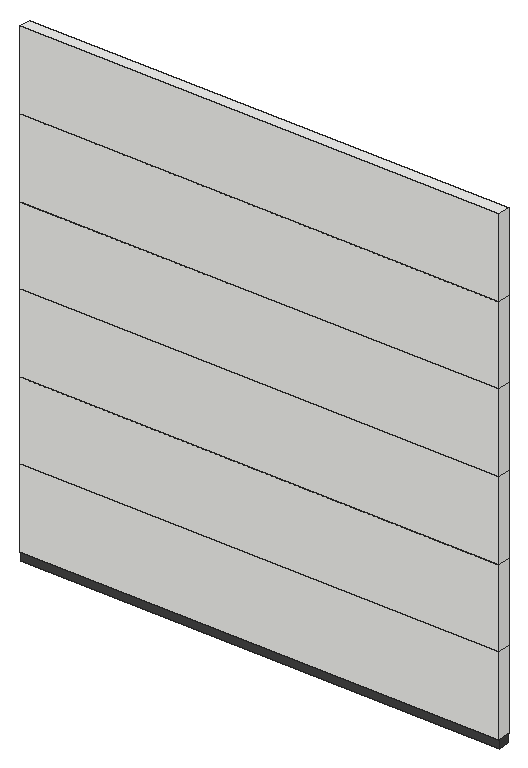
Revit family "Door_Overhead-Sectional-Panel_Haas_No-Inset-Panels", category Doors, Revit 2026
Family settings
  Classification Number = 23.30.10.17.37.14
  Work Plane-Based = Yes
  Always vertical = Yes
  Cut with Voids When Loaded = No
  Shared = No
  Room Calculation Point = No
Parameters (values of type "All Flush")
  Width = 10' - 0"
  Viewport Finish [instance] = Finish - Trim - HAAS - Black
  Unit Width [instance] = Panel Width  # 10' - 0"
  Unit Height [instance] = if(Number Panels > 3, ((Panel Height - 0' 2") / Number Panels), ((Panel Height - 0' 2") / 4))  # 1' - 7.66667"
  URL = "http://www.haasdoor.com/about/index.html"
  Thickness = 0' - 3"
  Section Type_Row 10 = HAAS_Section_Flush : Standard
  Section Type_Row 9 = HAAS_Section_Flush : Standard
  Section Type_Row 8 = HAAS_Section_Flush : Standard
  Section Type_Row 7 = HAAS_Section_Flush : Standard
  Section Type_Row 6 = HAAS_Section_Flush : Standard
  Section Type_Row 5 = HAAS_Section_Flush : Standard
  Section Type_Row 4 = HAAS_Section_Flush : Standard
  Section Type_Row 3 = HAAS_Section_Flush : Standard
  Section Type_Row 2 = HAAS_Section_Flush : Standard
  Section Type_Row 1 = HAAS_Section_Flush : Standard
  Panel Width [instance] = 10' - 0"
  Panel Thickness [instance] = 0' - 3"
  Panel Material_Interior [instance] = Metal - Steel - HAAS - Polar White V-Groove
  Panel Material_Inset Panel [instance] = Metal - Steel - HAAS - Polar White
  Panel Material_Exterior [instance] = Metal - Steel - HAAS - Polar White
  Panel Height [instance] = 10' - 0"
  Panel 9 Vis [instance] = Number Panels > 8  # no
  Panel 9 Control [instance] = if(Panel 9 Vis, Unit Height, 0' 0")  # 0' - 0"
  Panel 8 Vis [instance] = Number Panels > 7  # no
  Panel 8 Control [instance] = if(Panel 8 Vis, Unit Height, 0' 0")  # 0' - 0"
  Panel 7 Vis [instance] = Number Panels > 6  # no
  Panel 7 Control [instance] = if(Panel 7 Vis, Unit Height, 0' 0")  # 0' - 0"
  Panel 6 Vis [instance] = Number Panels > 5  # yes
  Panel 6 Control [instance] = if(Panel 6 Vis, Unit Height, 0' 0")  # 1' - 7.66667"
  Panel 5 Vis [instance] = Number Panels > 4  # yes
  Panel 5 Control [instance] = if(Panel 5 Vis, Unit Height, 0' 0")  # 1' - 7.66667"
  Panel 4 Vis [instance] = Number Panels > 3  # yes
  Panel 4 Control [instance] = if(Panel 4 Vis, Unit Height, 0' 0")  # 1' - 7.66667"
  Panel 3 Vis [instance] = Number Panels > 2  # yes
  Panel 3 Control [instance] = if(Panel 3 Vis, Unit Height, 0' 0")  # 1' - 7.66667"
  Panel 2 Vis [instance] = Number Panels > 1  # yes
  Panel 2 Control [instance] = if(Panel 2 Vis, Unit Height, 0' 0")  # 1' - 7.66667"
  Panel 10 Vis [instance] = Number Panels > 9  # no
  Panel 10 Control [instance] = if(Panel 10 Vis, Unit Height, 0' 0")  # 0' - 0"
  Panel 1 Vis [instance] = Number Panels > 0  # yes
  Number Panels = 6
  Viewport Glazing [instance] = Glass
  Model = "Haas Door Panel as Specified"
  Manufacturer = "Haas Door Co."
  Keynote = "08360"
  Height = 8' - 0"
  End Stile Width_CONTACT HAAS FOR VALUE = 0' - 0"
  Description = "Haas Door Panel as Specified"
  Default Elevation = 4' - 0"
  Bottom Seal Color [instance] = Finish - Trim - HAAS - Black
  Assembly Code = "B2030410"
Types (4): name | Unit Height | Section Type_Row 4 | Panel Material_Interior | Panel Material_Exterior | Panel Height | Panel 6 Control | Panel 5 Control | Panel 4 Control | Panel 3 Control | Panel 2 Control | Bottom Seal Color
  All Flush | 1' - 7.66667" | HAAS_Section_Flush : Standard | Metal - Steel - HAAS - Polar White V-Groove | Metal - Steel - HAAS - Polar White | 10' - 0" | 1' - 7.66667" | 1' - 7.66667" | 1' - 7.66667" | 1' - 7.66667" | 1' - 7.66667" | Finish - Trim - HAAS - Black
  Design A | 1' - 3.66667" | HAAS_Section_Full Vision : Full Vision | Metal - Steel - HAAS - Polar White | Default Roof | 8' - 0" | 1' - 3.66667" | 1' - 3.66667" | 1' - 3.66667" | 1' - 3.66667" | 1' - 3.66667" | none
  Design B | 1' - 3.66667" | HAAS_Section_TL Vision : 24"x6" Lite | Metal - Steel - HAAS - Polar White | Default Roof | 8' - 0" | 1' - 3.66667" | 1' - 3.66667" | 1' - 3.66667" | 1' - 3.66667" | 1' - 3.66667" | none
  Design C | 1' - 3.66667" | HAAS_Section_TL Vision : 25"x12" Lite | Metal - Steel - HAAS - Polar White | Default Roof | 8' - 0" | 1' - 3.66667" | 1' - 3.66667" | 1' - 3.66667" | 1' - 3.66667" | 1' - 3.66667" | none
Reference planes (in)
  plane 1 "Center (Front/Back)": y = 0
  plane 2: z = 0
  plane 3 "Center (Left/Right)": x = 0
  plane 4 "Left": x = -60
  plane 5 "Right": x = 60
  plane 6 "Back": y = 1.5
  plane 7 "Front": y = -1.5
  plane 8 "1T": z = 21.66667
  plane 9 "1B": z = 2
  plane 10: z = 41.33333
  plane 11 "2B": z = 21.66667
  plane 12: z = 61
  plane 13 "3B": z = 41.33333
  plane 14: z = 80.66667
  plane 15 "4B": z = 61
  plane 16: z = 100.33333
  plane 17 "5B": z = 80.66667
  plane 18: z = 120
  plane 19 "6B": z = 100.33333
  plane 20: z = 120
  plane 21 "7B": z = 100.33333
  plane 22: z = 120
  plane 23 "8B": z = 100.33333
  plane 24: z = 120
  plane 25 "9B": z = 100.33333
  plane 26: z = 120
  plane 27 "10B": z = 100.33333
Forms (in)
  Extrusion 1, solid, material "Finish - Trim - HAAS - Black" <- "Bottom Seal Color"
    sketch origin (0, 0, 0) x (0, 1, 0) y (0, 0, 1)
      loop
        line (-1.375, 2) -> (-1.375, 0) -> (1.375, 0) -> (1.375, 2) -> (-1.375, 2)
    from -60 to 60
Dimensions and locks (in)
  equal spacing: plane 4 "Left", plane 3 "Center (Left/Right)", plane 5 "Right"
  "Panel Width": plane 4 "Left" to plane 5 "Right"
  equal spacing: plane 6 "Back", plane 1 "Center (Front/Back)", plane 7 "Front"
  "Panel Thickness": plane 6 "Back" to plane 7 "Front"
  "Unit Height": plane 8 "1T" to plane 9 "1B"
  "Unit Height": plane 10 to plane 11 "2B"
  "Unit Height": plane 12 to plane 13 "3B"
  "Unit Height": plane 14 to plane 15 "4B"
  "Unit Height": plane 16 to plane 17 "5B"
  "Unit Height": plane 18 to plane 19 "6B"
  "Unit Height": plane 20 to plane 21 "7B"
  "Unit Height": plane 22 to plane 23 "8B"
  "Unit Height": plane 24 to plane 25 "9B"
  "Unit Height": plane 26 to plane 27 "10B"
  locked: plane 9 "1B" to level at 2
  "Panel 2 Control": plane 11 "2B" to plane 9 "1B"
  "Panel 3 Control": plane 13 "3B" to plane 11 "2B"
  "Panel 4 Control": plane 15 "4B" to plane 13 "3B"
  "Panel 5 Control": plane 17 "5B" to plane 15 "4B"
  "Panel 6 Control": plane 19 "6B" to plane 17 "5B"
  "Panel 7 Control": plane 21 "7B" to plane 19 "6B"
  "Panel 8 Control": plane 23 "8B" to plane 21 "7B"
  "Panel 9 Control": plane 25 "9B" to plane 23 "8B"
  "Panel 10 Control": plane 27 "10B" to plane 25 "9B"
  locked: Extrusion 1 sketch curve to plane 6 "Back" at 0.125
  locked: plane 7 "Front" to Extrusion 1 sketch curve at 0.125
  aligned and locked: plane 2 to level
  aligned and locked: plane 3 "Center (Left/Right)" to nested 1
  aligned and locked: plane 3 "Center (Left/Right)" to nested 2
  aligned and locked: plane 3 "Center (Left/Right)" to nested 3
  aligned and locked: plane 3 "Center (Left/Right)" to nested 4
  aligned and locked: plane 3 "Center (Left/Right)" to nested 5
  aligned and locked: plane 3 "Center (Left/Right)" to nested 6
  aligned and locked: plane 3 "Center (Left/Right)" to nested 7
  aligned and locked: plane 3 "Center (Left/Right)" to nested 8
  aligned and locked: plane 3 "Center (Left/Right)" to nested 9
  aligned and locked: plane 3 "Center (Left/Right)" to nested 10
  aligned and locked: plane 1 "Center (Front/Back)" to nested 1
  aligned and locked: plane 1 "Center (Front/Back)" to nested 2
  aligned and locked: plane 1 "Center (Front/Back)" to nested 3
  aligned and locked: plane 1 "Center (Front/Back)" to nested 4
  aligned and locked: nested 5 to plane 1 "Center (Front/Back)"
  aligned and locked: nested 6 to plane 1 "Center (Front/Back)"
  aligned and locked: nested 7 to plane 1 "Center (Front/Back)"
  aligned and locked: nested 8 to plane 1 "Center (Front/Back)"
  aligned and locked: nested 9 to plane 1 "Center (Front/Back)"
  aligned and locked: nested 10 to plane 1 "Center (Front/Back)"
  aligned and locked: plane 5 "Right" to Extrusion 1
  aligned and locked: Extrusion 1 to plane 4 "Left"
Automatic sketch dimensions
  Extrusion 1 sketch curve to level = 0' - 0"
  Extrusion 1 sketch curve to plane 9 "1B" = 0' - 0"
Nested families (in)
  nested 1: "HAAS_Section_Flush" at (0, 0, 2), type <- "Section Type_Row 1", visible <- "Panel 1 Vis", Unit Width <- "Unit Width", Unit Height <- "Unit Height", Viewport Glazing <- "Viewport Glazing", Viewport Finish <- "Viewport Finish", Panel Material_Interior <- "Panel Material_Interior", Panel Material_Inset Panel <- "Panel Material_Inset Panel", Panel Material_Exterior <- "Panel Material_Exterior", Unit Depth <- "Panel Thickness", type "Standard"
    with Viewport Glazing Glass, Viewport Finish Finish - Trim - HAAS - Black, Unit Width 10' - 0", Unit Height 1' - 7.66667", Unit Depth 0' - 3", Panel Material_Interior Metal - Steel - HAAS - Polar White V-Groove, Panel Material_Inset Panel Metal - Steel - HAAS - Polar White, Panel Material_Exterior Metal - Steel - HAAS - Polar White
  nested 2: "HAAS_Section_Flush" at (0, 0, 21.66667), type <- "Section Type_Row 2", visible <- "Panel 2 Vis", Unit Width <- "Unit Width", Unit Height <- "Unit Height", Viewport Glazing <- "Viewport Glazing", Viewport Finish <- "Viewport Finish", Panel Material_Interior <- "Panel Material_Interior", Panel Material_Inset Panel <- "Panel Material_Inset Panel", Panel Material_Exterior <- "Panel Material_Exterior", Unit Depth <- "Panel Thickness", type "Standard"
    with Viewport Glazing Glass, Viewport Finish Finish - Trim - HAAS - Black, Unit Width 10' - 0", Unit Height 1' - 7.66667", Unit Depth 0' - 3", Panel Material_Interior Metal - Steel - HAAS - Polar White V-Groove, Panel Material_Inset Panel Metal - Steel - HAAS - Polar White, Panel Material_Exterior Metal - Steel - HAAS - Polar White
  nested 3: "HAAS_Section_Flush" at (0, 0, 41.33333), type <- "Section Type_Row 3", visible <- "Panel 3 Vis", Unit Width <- "Unit Width", Unit Height <- "Unit Height", Viewport Glazing <- "Viewport Glazing", Viewport Finish <- "Viewport Finish", Panel Material_Interior <- "Panel Material_Interior", Panel Material_Inset Panel <- "Panel Material_Inset Panel", Panel Material_Exterior <- "Panel Material_Exterior", Unit Depth <- "Panel Thickness", type "Standard"
    with Viewport Glazing Glass, Viewport Finish Finish - Trim - HAAS - Black, Unit Width 10' - 0", Unit Height 1' - 7.66667", Unit Depth 0' - 3", Panel Material_Interior Metal - Steel - HAAS - Polar White V-Groove, Panel Material_Inset Panel Metal - Steel - HAAS - Polar White, Panel Material_Exterior Metal - Steel - HAAS - Polar White
  nested 4: "HAAS_Section_Flush" at (0, 0, 61), visible <- "Panel 4 Vis", Unit Width <- "Unit Width", Unit Height <- "Unit Height", Viewport Glazing <- "Viewport Glazing", Viewport Finish <- "Viewport Finish", Panel Material_Interior <- "Panel Material_Interior", Panel Material_Inset Panel <- "Panel Material_Inset Panel", Panel Material_Exterior <- "Panel Material_Exterior", type <- "Section Type_Row 4", Unit Depth <- "Panel Thickness", type "Standard"
    with Viewport Glazing Glass, Viewport Finish Finish - Trim - HAAS - Black, Unit Width 10' - 0", Unit Height 1' - 7.66667", Unit Depth 0' - 3", Panel Material_Interior Metal - Steel - HAAS - Polar White V-Groove, Panel Material_Inset Panel Metal - Steel - HAAS - Polar White, Panel Material_Exterior Metal - Steel - HAAS - Polar White
  nested 5: "HAAS_Section_Flush" at (0, 0, 80.66667), type <- "Section Type_Row 5", visible <- "Panel 5 Vis", Unit Width <- "Unit Width", Unit Height <- "Unit Height", Viewport Glazing <- "Viewport Glazing", Viewport Finish <- "Viewport Finish", Panel Material_Interior <- "Panel Material_Interior", Panel Material_Inset Panel <- "Panel Material_Inset Panel", Panel Material_Exterior <- "Panel Material_Exterior", Unit Depth <- "Panel Thickness", type "Standard"
    with Viewport Glazing Glass, Viewport Finish Finish - Trim - HAAS - Black, Unit Width 10' - 0", Unit Height 1' - 7.66667", Unit Depth 0' - 3", Panel Material_Interior Metal - Steel - HAAS - Polar White V-Groove, Panel Material_Inset Panel Metal - Steel - HAAS - Polar White, Panel Material_Exterior Metal - Steel - HAAS - Polar White
  nested 6: "HAAS_Section_Flush" at (0, 0, 100.33333), type <- "Section Type_Row 6", visible <- "Panel 6 Vis", Unit Width <- "Unit Width", Unit Height <- "Unit Height", Viewport Glazing <- "Viewport Glazing", Viewport Finish <- "Viewport Finish", Panel Material_Interior <- "Panel Material_Interior", Panel Material_Inset Panel <- "Panel Material_Inset Panel", Panel Material_Exterior <- "Panel Material_Exterior", Unit Depth <- "Panel Thickness", type "Standard"
    with Viewport Glazing Glass, Viewport Finish Finish - Trim - HAAS - Black, Unit Width 10' - 0", Unit Height 1' - 7.66667", Unit Depth 0' - 3", Panel Material_Interior Metal - Steel - HAAS - Polar White V-Groove, Panel Material_Inset Panel Metal - Steel - HAAS - Polar White, Panel Material_Exterior Metal - Steel - HAAS - Polar White
  nested 7: "HAAS_Section_Flush" at (0, 0, 100.33333), type <- "Section Type_Row 7", visible <- "Panel 7 Vis", Unit Width <- "Unit Width", Unit Height <- "Unit Height", Viewport Glazing <- "Viewport Glazing", Viewport Finish <- "Viewport Finish", Panel Material_Interior <- "Panel Material_Interior", Panel Material_Inset Panel <- "Panel Material_Inset Panel", Panel Material_Exterior <- "Panel Material_Exterior", Unit Depth <- "Panel Thickness", type "Standard"
    with Viewport Glazing Glass, Viewport Finish Finish - Trim - HAAS - Black, Unit Width 10' - 0", Unit Height 1' - 7.66667", Unit Depth 0' - 3", Panel Material_Interior Metal - Steel - HAAS - Polar White V-Groove, Panel Material_Inset Panel Metal - Steel - HAAS - Polar White, Panel Material_Exterior Metal - Steel - HAAS - Polar White
  nested 8: "HAAS_Section_Flush" at (0, 0, 100.33333), type <- "Section Type_Row 8", visible <- "Panel 8 Vis", Unit Width <- "Unit Width", Unit Height <- "Unit Height", Viewport Glazing <- "Viewport Glazing", Viewport Finish <- "Viewport Finish", Panel Material_Interior <- "Panel Material_Interior", Panel Material_Inset Panel <- "Panel Material_Inset Panel", Panel Material_Exterior <- "Panel Material_Exterior", Unit Depth <- "Panel Thickness", type "Standard"
    with Viewport Glazing Glass, Viewport Finish Finish - Trim - HAAS - Black, Unit Width 10' - 0", Unit Height 1' - 7.66667", Unit Depth 0' - 3", Panel Material_Interior Metal - Steel - HAAS - Polar White V-Groove, Panel Material_Inset Panel Metal - Steel - HAAS - Polar White, Panel Material_Exterior Metal - Steel - HAAS - Polar White
  nested 9: "HAAS_Section_Flush" at (0, 0, 100.33333), type <- "Section Type_Row 9", visible <- "Panel 9 Vis", Unit Width <- "Unit Width", Unit Height <- "Unit Height", Viewport Glazing <- "Viewport Glazing", Viewport Finish <- "Viewport Finish", Panel Material_Interior <- "Panel Material_Interior", Panel Material_Inset Panel <- "Panel Material_Inset Panel", Panel Material_Exterior <- "Panel Material_Exterior", Unit Depth <- "Panel Thickness", type "Standard"
    with Viewport Glazing Glass, Viewport Finish Finish - Trim - HAAS - Black, Unit Width 10' - 0", Unit Height 1' - 7.66667", Unit Depth 0' - 3", Panel Material_Interior Metal - Steel - HAAS - Polar White V-Groove, Panel Material_Inset Panel Metal - Steel - HAAS - Polar White, Panel Material_Exterior Metal - Steel - HAAS - Polar White
  nested 10: "HAAS_Section_Flush" at (0, 0, 100.33333), type <- "Section Type_Row 10", visible <- "Panel 10 Vis", Unit Width <- "Unit Width", Unit Height <- "Unit Height", Viewport Glazing <- "Viewport Glazing", Viewport Finish <- "Viewport Finish", Panel Material_Interior <- "Panel Material_Interior", Panel Material_Inset Panel <- "Panel Material_Inset Panel", Panel Material_Exterior <- "Panel Material_Exterior", Unit Depth <- "Panel Thickness", type "Standard"
    with Viewport Glazing Glass, Viewport Finish Finish - Trim - HAAS - Black, Unit Width 10' - 0", Unit Height 1' - 7.66667", Unit Depth 0' - 3", Panel Material_Interior Metal - Steel - HAAS - Polar White V-Groove, Panel Material_Inset Panel Metal - Steel - HAAS - Polar White, Panel Material_Exterior Metal - Steel - HAAS - Polar White
Definition of nested family "HAAS_Section_Flush"
  Parameters
    Viewport Glazing [instance] = none
    Viewport Finish [instance] = none
    Unit Width [instance] = 10' - 0"
    Unit Height [instance] = 1' - 3.66667"
    Unit Depth [instance] = 0' - 3"
    Panel Material_Interior [instance] = none
    Panel Material_Inset Panel [instance] = none
    Panel Material_Exterior [instance] = none
    Default Elevation = 4' - 0"
  Reference planes (in)
    plane 1 "Center (Front/Back)": y = 0
    plane 2: z = 0
    plane 3 "Center (Left/Right)": x = 0
    plane 4 "Left": x = -60
    plane 5 "Right": x = 60
    plane 6 "Center (Elevation)": z = 7.83333
    plane 7: z = 15.66667
    plane 8 "Back": y = 1.5
    plane 9 "Front": y = -1.5
  Forms (in)
    Extrusion 1, solid, material <- "Panel Material_Exterior"
      sketch origin (0, 0, 0) x (1, 0, 0) y (0, 0, 1)
        loop
          line (-60, 15.66667) -> (-60, 0) -> (60, 0) -> (60, 15.66667) -> (-60, 15.66667)
      from -1.5 to 1.5
  Dimensions and locks (in)
    equal spacing: plane 4 "Left", plane 3 "Center (Left/Right)", plane 5 "Right"
    "Unit Width": plane 4 "Left" to plane 5 "Right"
    equal spacing: plane 7, plane 6 "Center (Elevation)", level
    "Unit Height": plane 7 to level
    equal spacing: plane 8 "Back", plane 1 "Center (Front/Back)", plane 9 "Front"
    "Unit Depth": plane 8 "Back" to plane 9 "Front"
    aligned and locked: plane 2 to level
    aligned and locked: plane 7 to Extrusion 1
    aligned and locked: plane 5 "Right" to Extrusion 1
    aligned and locked: Extrusion 1 to level
    aligned and locked: Extrusion 1 to plane 4 "Left"
    aligned and locked: plane 8 "Back" to Extrusion 1
    aligned and locked: Extrusion 1 to plane 9 "Front"
  Automatic sketch dimensions
    level to Extrusion 1 sketch curve = 0' - 0"
    plane 4 "Left" to Extrusion 1 sketch curve = 0' - 0"
    Extrusion 1 sketch curve to plane 5 "Right" = 0' - 0"
    Extrusion 1 sketch curve to plane 7 = 0' - 0"
